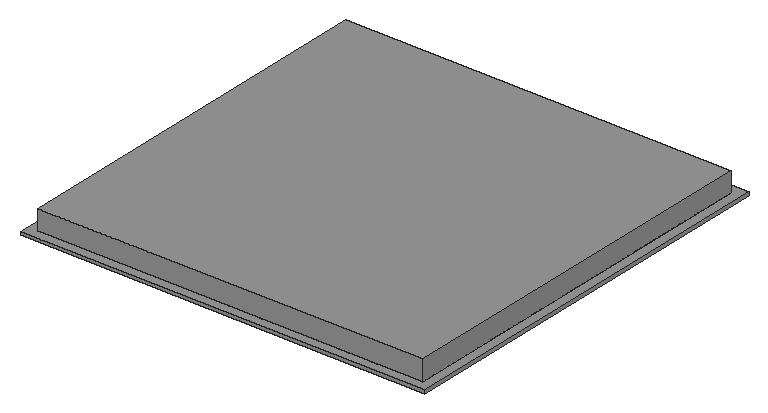
Revit family "63_UN_LEDPanel_CoreLine panel G5 W62L62 SM_Signify", category Lighting Fixtures, Revit 2019
Family settings
  Round Connector Dimension = Use Diameter
  Part Type = Normal
  OmniClass Number = 23.80.70.11.14.11
  OmniClass Title = Downlights
  Work Plane-Based = No
  Always vertical = Yes
  Cut with Voids When Loaded = No
  Light Source = Yes
  Shared = No
  Room Calculation Point = Yes
Parameters (values of type "W62L62 PSD NOC")
  Wattage Comments = "28.50 VA"
  Wattage = 24.2356 W
  built-in parameter 1150110 = 1 (stored number, unit not read)
  Voltage = 230 V
  URL = "https://www.ivlibrary.com/"
  Type Comments = "G5 W62L62"
  built-in parameter 1114217 = 1 (stored number, unit not read)
  Tilt Angle = 90.00°
  built-in parameter 1150109 = 1 (stored number, unit not read)
  built-in parameter 1150134 = 3
  Symbol_ToScale [instance] = not(Symbol_RealSize)  # no
  Symbol_RealSize [instance] = yes
  Switch Code [instance] = ""
  built-in parameter 1150113 = 1 (stored number, unit not read)
  Photometric Web File = "ES-M-PS-12S-827-PSD-MB-ALL-ALL.ies"
  Model = "Coreline Panel"
  Manufacturer = "Signify"
  built-in parameter 1150105 = 286.48 (stored number, unit not read)
  Luminous Flux (lm) = 3600 lm
  Lumens = 3600 lm
  built-in parameter 1150115 = 1 (stored number, unit not read)
  Luminaire Code [instance] = ""
  built-in parameter 1150137 = (empty or 0)
  built-in parameter 1150139 = (empty or 0)
  built-in parameter 1150112 = 1 (stored number, unit not read)
  built-in parameter 1150114 = 1 (stored number, unit not read)
  Lamp = "LED"
  built-in parameter 1150132 = 2
  built-in parameter 1150102 = (empty or 0)
  built-in parameter 1150107 = 3200 (stored number, unit not read)
  built-in parameter 1150138 = (empty or 0)
  built-in parameter 1150106 = 2.8648 (stored number, unit not read)
  IfcExportType = "USERDEFINED"
  IfcExportAs = "IfcLightFixtureType"
  IP Value = "IP20"
  IK Value = "IK02"
  Housing_Material = Laminate, White
  Emit from Rectangle Width = 585 mm
  Emit from Rectangle Length = 585 mm
  Emit Shape Visible in Rendering = no
  built-in parameter 1150104 = 13.8 (stored number, unit not read)
  Dimming Lamp Color Temperature Shift = <None>
  Description = ""
  Content Creator® = "www.ivlibrary.com"
  Color Filter = 16777215
  Calc_L2_Symbol = 5.95 mm
  Calc_L1_Symbol = 5.95 mm
  built-in parameter 1114218 = 1 (stored number, unit not read)
  built-in parameter 1150133 = 10 (stored number, unit not read)
  Assembly Code = "63.0"
  Apparent Load = 28.5 VA
Types (4, lengths in mm): name | Emit from Rectangle Width | Emit from Rectangle Length
  W62L62 PSD NOC | 585 | 585
  W62L62 PSD OC | 555 | 555
  W62L62 PSU NOC | 555 | 555
  W62L62 PSU OC | 555 | 555
Reference planes
  plane 1 "Center (Front/Back)": y = 0
  plane 2: z = 0
  plane 3 "Center (Left/Right)": x = 0
  plane 4: x = -292.5
  plane 5: x = 292.5
  plane 6: y = 292.5
  plane 7: y = -292.5
  plane 8: x = -307.5
  plane 9: x = 307.5
  plane 10: y = -307.5
  plane 11: y = 307.5
Forms (mm)
  Extrusion 1, solid, material "Laminate, White" <- "Housing_Material"
    sketch origin (0, 0, -30) x (1, 0, 0) y (0, 1, 0)
      loop
        line (-292.5, 292.5) -> (-292.5, -292.5) -> (292.5, -292.5) -> (292.5, 292.5) -> (-292.5, 292.5)
    from 0 to 30
  Extrusion 2, solid, material "Glass, White, High Luminance"
    sketch origin (0, 0, -30) x (1, 0, 0) y (0, 1, 0)
      loop
        line (-292.5, 292.5) -> (-292.5, -292.5) -> (292.5, -292.5) -> (292.5, 292.5) -> (-292.5, 292.5)
    from 0 to -1
  Extrusion 3, solid, material "Laminate, White" <- "Housing_Material"
    sketch origin (0, 0, -30) x (1, 0, 0) y (0, 1, 0)
      loop
        line (-292.5, 292.5) -> (-292.5, -292.5) -> (292.5, -292.5) -> (292.5, 292.5) -> (-292.5, 292.5)
      loop
        line (-307.5, -307.5) -> (307.5, -307.5) -> (307.5, 307.5) -> (-307.5, 307.5) -> (-307.5, -307.5)
    from 0 to -5
Lines and regions (mm)
  symbolic lines, visible <- "Symbol_RealSize"
    curve 1: line (-307.5, -307.5, 0) -> (307.5, -307.5, 0)
    curve 2: line (-307.5, 307.5, 0) -> (-307.5, -307.5, 0)
    curve 3: line (307.5, 307.5, 0) -> (-307.5, 307.5, 0)
    curve 4: line (307.5, -307.5, 0) -> (307.5, 307.5, 0)
Dimensions and locks
  equal spacing: plane 11, plane 1 "Center (Front/Back)", plane 10
  equal spacing: plane 8, plane 3 "Center (Left/Right)", plane 9
  plane 8 to plane 9 = 615 mm  (x2)
  plane 11 to plane 10 = 615 mm  (x2)
  plane 8 to plane 4 = 15 mm
  plane 5 to plane 9 = 15 mm
  plane 6 to plane 11 = 15 mm
  plane 7 to plane 10 = 15 mm
  aligned and locked: level to plane 2
  aligned and locked: Extrusion 2 sketch curve to Extrusion 1  (x4)
Automatic sketch dimensions
  curve 3 to plane 8 = 0 mm
  curve 3 to plane 9 = 0 mm
  curve 1 to plane 10 = 0 mm
  plane 11 to curve 3 = 0 mm
  Extrusion 1 sketch curve to plane 4 = 0 mm
  Extrusion 1 sketch curve to plane 5 = 0 mm
  Extrusion 1 sketch curve to plane 7 = 0 mm
  Extrusion 1 sketch curve to plane 6 = 0 mm
  Extrusion 3 sketch curve to plane 8 = 0 mm
  Extrusion 3 sketch curve to plane 4 = 0 mm
  Extrusion 3 sketch curve to plane 5 = 0 mm
  Extrusion 3 sketch curve to plane 9 = 0 mm
  Extrusion 3 sketch curve to plane 10 = 0 mm
  Extrusion 3 sketch curve to plane 7 = 0 mm
  Extrusion 3 sketch curve to plane 6 = 0 mm
  plane 11 to Extrusion 3 sketch curve = 0 mm
Nested families
  nested 1: "Parametric LED Panel Symbol" at (0, 0, 0), L1 <- "Calc_L1_Symbol", L2 <- "Calc_L2_Symbol", visible <- "Symbol_ToScale", type "Parametric LED Panel Symbol"
    with L2 5.95 mm, L1 5.95 mm
Connectors
  electrical at (0, 0, 0), driven by "Voltage", driven by "Apparent Load"
    settings: index 1, voltage 230 V, apparent load 0 VA, apparent load phase1 28.5 VA, apparent load phase2 0 VA, apparent load phase3 0 VA, power factor 1, load classification "Lighting", number of poles 1, system type 31, power factor state 1, is connector primary yes, connector utility no, sub classification motor no, connector description ""
Definition of nested family "Parametric LED Panel Symbol"
  Parameters (values of type "Parametric LED Panel Symbol")
    L2 [instance] = 4.484 mm
    L1 [instance] = 6.437 mm
  Reference planes
    plane 1: y = 0
    plane 2: x = 0
  Lines and regions (mm)
    detail lines
      curve 1: line (-3.219, 2.242, 0) -> (3.219, 2.242, 0)
      curve 2: line (-3.219, -2.242, 0) -> (-3.219, 2.242, 0)
      curve 3: line (3.219, -2.242, 0) -> (-3.219, -2.242, 0)
      curve 4: line (3.219, 2.242, 0) -> (3.219, -2.242, 0)
  Dimensions and locks
    equal spacing: curve 2, plane 2, curve 4
    equal spacing: curve 3, plane 1, curve 1
    "L1": curve 2 to curve 4
    "L2": curve 3 to curve 1
